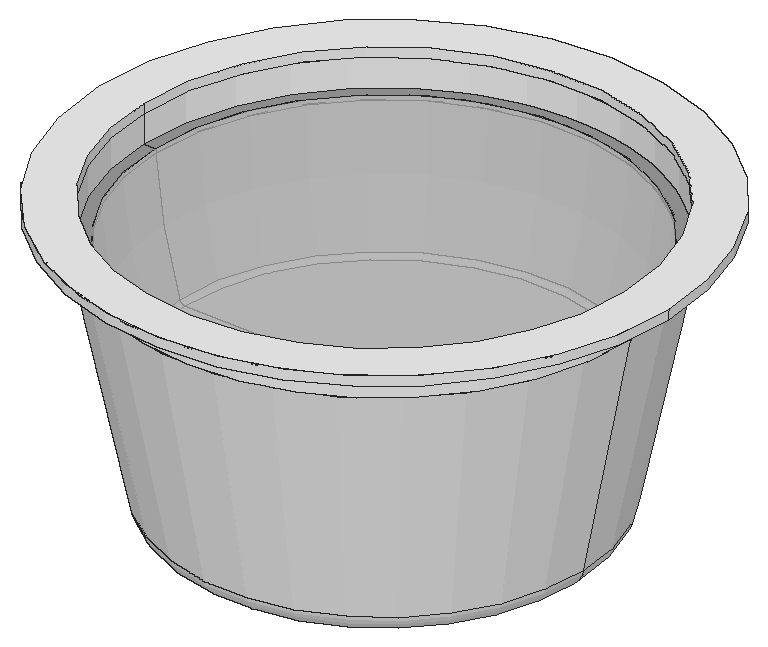
Revit family "2059211 Lighting Fixture_Sylvania_Ascent 100 Deco(160)-Very High Output_Ceiling Recessed", category Lighting Fixtures, host Face, Revit 2017
Family settings
  Host = Face
  Round Connector Dimension = Use Diameter
  Part Type = Normal
  OmniClass Number = 23.80.70.11.17
  OmniClass Title = Specialized Lighting by Location or Use
  Cut with Voids When Loaded = No
  Light Source = Yes
  Shared = No
  Room Calculation Point = No
Parameters (values of type "Asct100 Deco VHO 3K STD 160")
  Reflector Radius = Radius - 14.5 mm  # 80.0 mm
  Reflector Material = Aluminium_Sylvania_Ascent_Silver
  Radius = 94.5 mm
  Life = "50 000h"  # constant formula
  IP Rating = "IP44"  # constant formula
  IK Rating = "IK02"  # constant formula
  Height = 94.0 mm
  Wattage = 21.2622 W
  built-in parameter 1150110 = 1 (stored number, unit not read)
  Voltage Comments = "UNV (Universal Voltage; 220-240 Volt)"  # constant formula
  Voltage = 240 V  # constant formula
  URL = "https://www.sylvania-lighting.com/"
  built-in parameter 1114217 = 1 (stored number, unit not read)
  Tilt Angle = -90°
  built-in parameter 1150109 = 1 (stored number, unit not read)
  built-in parameter 1150134 = (empty or 0)
  built-in parameter 1150113 = 1 (stored number, unit not read)
  Product Page URL = "https://www.sylvania-lighting.com/product/en-int/products/2059211"
  Product Family = "Ascent 100 Deco (160) - Very High Output"  # constant formula
  Photometry Comments = ""
  Photometric Web File = "2059211_Asct100DecoVHO3KSTD160-190119.ies"
  Glow Wire Test = 850 °C
  Emit from Circle Diameter = 2 * Diffuser Radius  # 152.0 mm
  Emit Shape Visible in Rendering = no
  Drive Current = "1000mA"  # constant formula
  Diffuser Radius = Reflector Radius - 4.0 mm  # 76.0 mm
  Diffuser Material = Polycarbonate_Sylvania_Ascent_Clear
  Diameter = 2 * Radius  # 189.0 mm
  Cutout Diameter = Diameter - 11.0 mm  # 178.0 mm
  built-in parameter 1114216 [instance] = 1 (stored number, unit not read)
  Model = "Asct100 Deco VHO 3K STD 160"
  Manufacturer = "Feilo-Sylvania Group"
  built-in parameter 1150105 = 1076.3 (stored number, unit not read)
  Lumens = 2291 lm
  built-in parameter 1150115 = 1 (stored number, unit not read)
  built-in parameter 1150137 = (empty or 0)
  built-in parameter 1150139 = (empty or 0)
  built-in parameter 1150112 = 1 (stored number, unit not read)
  built-in parameter 1150114 = 1 (stored number, unit not read)
  Lamp = "Integrated LED"
  built-in parameter 1150132 = 2
  built-in parameter 1150102 = (empty or 0)
  built-in parameter 1150107 = 3000 (stored number, unit not read)
  built-in parameter 1150138 = (empty or 0)
  built-in parameter 1150106 = 10.763 (stored number, unit not read)
  Body Material = Aluminum_Sylvania_Ascent_White
  built-in parameter 1150104 = 10.01 (stored number, unit not read)
  Dimming Lamp Color Temperature Shift = <None>
  Description = "Direct LED retro fit for original LED 100 Deco (160) single CFL lamp offering Matching lumen levels and improved light distribution of original LED 100 CFL lamp equivalents Typically half the power consumption compared to CFL Up to 112lm/W 160mm aperture Decorative reflector accepts snap fit polycarbonate accessories from existing LED 100 Deco 160 offering New kometa accessory ring creates a diffused indirect halo of light onto the ceiling for decorative effect HE, HO and VHO versions equivalent of single 1 x 18W, 1 x 32W, 1 x 42W Additional VVHO versions which offer the performance circa 2 x 32W equivalent"  # constant formula
  Default Elevation = 0.0 mm
  Color Filter = 16777215
  Catalog Number = "2059211 Asct100 Deco VHO 3K STD 160"
  built-in parameter 1140040 [instance] = 1
  built-in parameter 1114218 = 1 (stored number, unit not read)
  built-in parameter 1150133 = 10 (stored number, unit not read)
  Assembly Code = "D5020200"
  Apparent Load Comments = ""
  Apparent Load = 25 VA
  Aperture = 2 * Reflector Radius  # 160.0 mm
Reference planes
  plane 1 "Center (Front/Back)": y = 0
  plane 2: z = 0
  plane 3 "Center (Left/Right)": x = 0
  plane 4 "Fixture Bottom": z = 3
  plane 5: z = -53.5
  plane 6 "Fixture Top": z = -91
  plane 7: z = -9
  plane 8: z = -10.5
Forms (mm)
  Extrusion 1, solid, material "Aluminum_Sylvania_Ascent_White" <- "Body Material", detail levels fine
    sketch origin (0, 0, 0) x (1, 0, 0) y (0, 1, 0)
      loop
        circle (0, 0) r 94.5
      loop
        circle (0, 0) r 80
    from 0 to 3
  Extrusion 2, void
    sketch origin (0, 0, 0) x (1, 0, 0) y (0, 1, 0)
      loop
        circle (0, 0) r 89
    from -91 to 3
  Revolve 3, solid, material "Aluminum_Sylvania_Ascent_White" <- "Body Material", detail levels fine
    sketch origin (0, 0, 0) x (1, 0, 0) y (0, 0, 1)
      loop
        line (0, -89) -> (-58.456, -89)
        arc (-58.456, -89) -> (-62.232, -87.663) -> (-64.324, -84.247) r 6
        line (-64.324, -84.247) -> (-80, -10.5) -> (-80, 0) -> (-82.009, 0) -> (-82.009, -10.5) -> (-66.245, -84.663)
        arc (-66.245, -84.663) -> (-63.454, -89.217) -> (-58.42, -91) r 8
        line (-58.42, -91) -> (0, -91) -> (0, -89)
      axis (0, 0) -> (0, -91)
    angle from 0 to 360
  Revolve 4, solid, material "Aluminium_Sylvania_Ascent_Silver" <- "Reflector Material", detail levels fine
    sketch origin (0, 0, 0) x (1, 0, 0) y (0, 0, 1)
      loop
        line (-80, -9) -> (-80, -10.5) -> (-77, -10.5)
        arc (-77, -10.5) -> (-74.319, -31.239) -> (-68.971, -51.454) r 160.868
        arc (-68.971, -51.454) -> (-67.878, -52.935) -> (-66.127, -53.5) r 3
        line (-66.127, -53.5) -> (-58, -53.5)
        arc (-58, -53.5) -> (-56.855, -62.037) -> (-53.5, -69.971) r 32.394
        line (-53.5, -69.971) -> (0, -69.971) -> (0, -52.5) -> (-66.127, -52.5)
        arc (-66.127, -52.5) -> (-67.294, -52.124) -> (-68.023, -51.136) r 2
        arc (-68.023, -51.136) -> (-73.335, -31.062) -> (-76, -10.468) r 159.868
        line (-76, -10.468) -> (-76, -9) -> (-80, -9)
      axis (0, -9) -> (0, -69.971)
    angle from 0 to 360
  Extrusion 5, solid, material "Polycarbonate_Sylvania_Ascent_Clear" <- "Diffuser Material", detail levels fine
    sketch origin (0, 0, 0) x (1, 0, 0) y (0, 1, 0)
      loop
        circle (0, 0) r 76
    from -10.5 to -9
  Revolve 6, solid, material "Aluminum_Sylvania_Ascent_White" <- "Body Material", detail levels coarse+medium
    sketch origin (0, 0, 0) x (1, 0, 0) y (0, 0, 1)
      loop
        line (0, 3) -> (-94.5, 3) -> (-94.5, 0) -> (-82.009, 0) -> (-82.009, -10.5) -> (-66.245, -84.663)
        arc (-66.245, -84.663) -> (-63.454, -89.217) -> (-58.42, -91) r 8
        line (-58.42, -91) -> (0, -91) -> (0, 3)
      axis (0, 3) -> (0, -91)
    angle from 0 to 360
Cuts and joins
  joined: Extrusion 1, Revolve 3
Dimensions and locks
  plane 4 "Fixture Bottom" to plane 2 to plane 7 to plane 8 to plane 5 = 3.0 mm locked, 9.0 mm locked, 1.5 mm locked, 43.0 mm locked
  "Height": plane 4 "Fixture Bottom" to plane 6 "Fixture Top"
  "Reflector Radius": plane 3 "Center (Left/Right)" to Revolve 4 sketch curve
  "Reflector Radius": plane 3 "Center (Left/Right)" to Revolve 3 sketch curve
  locked: Revolve 3 sketch curve to Revolve 3 sketch curve at 2.009
  Revolve 4 sketch curve to Revolve 4 sketch curve = 4.0 mm
  Revolve 4 sketch curve to Revolve 4 sketch curve = 1.0 mm
  Revolve 4 sketch curve to Revolve 4 sketch curve to Revolve 4 sketch curve to Revolve 4 sketch curve to Revolve 4 sketch curve = 11.029 mm locked, 2.844 mm locked, 8.127 mm locked, 4.5 mm locked
  Revolve 3 sketch curve to Revolve 3 sketch curve to Revolve 3 sketch curve = 13.755 mm locked, 7.825 mm locked
  "Radius": plane 3 "Center (Left/Right)" to Revolve 6 sketch curve
  Revolve 6 sketch curve to Revolve 6 sketch curve to Revolve 6 sketch curve = 7.825 mm locked, 28.255 mm locked
  "Cutout Diameter": diameter of Extrusion 2 sketch curve
  "Reflector Radius": radius of Extrusion 1 sketch curve
  "Diffuser Radius": radius of Extrusion 5 sketch curve
  "Radius": radius of Extrusion 1 sketch curve
  aligned and locked: host face to plane 2
  aligned and locked: host face to level
  aligned and locked: plane 1 "Center (Front/Back)" to imposter light
  aligned and locked: plane 3 "Center (Left/Right)" to imposter light
  aligned and locked: plane 4 "Fixture Bottom" to Extrusion 1
  aligned and locked: Extrusion 1 to plane 2
  aligned and locked: Revolve 3 sketch curve to plane 3 "Center (Left/Right)"  (x2)
  aligned and locked: Revolve 4 sketch curve to plane 3 "Center (Left/Right)"  (x2)
  aligned and locked: plane 2 to Revolve 3 sketch curve
  aligned and locked: plane 6 "Fixture Top" to Extrusion 2
  aligned and locked: Revolve 3 sketch curve to plane 2
  aligned and locked: plane 8 to Revolve 3 sketch curve  (x2)
  aligned and locked: plane 7 to Revolve 4 sketch curve
  aligned and locked: Revolve 4 sketch curve to plane 8
  aligned and locked: imposter light to Extrusion 2
  aligned and locked: plane 7 to Extrusion 5
  aligned and locked: Extrusion 5 to plane 8
  aligned and locked: imposter light to plane 4 "Fixture Bottom"
  aligned and locked: Revolve 3 sketch curve to plane 6 "Fixture Top"
  aligned and locked: Revolve 6 sketch curve to plane 4 "Fixture Bottom"
Automatic sketch dimensions
  plane 1 "Center (Front/Back)" to Extrusion 2 sketch curve = 0.0 mm
  Extrusion 2 sketch curve to plane 3 "Center (Left/Right)" = 0.0 mm
  Extrusion 1 sketch curve to Extrusion 1 sketch curve = 0.0 mm  (x2)
  plane 1 "Center (Front/Back)" to Extrusion 1 sketch curve = 0.0 mm
  Extrusion 1 sketch curve to plane 3 "Center (Left/Right)" = 0.0 mm
  plane 1 "Center (Front/Back)" to Extrusion 5 sketch curve = 0.0 mm
  Extrusion 5 sketch curve to plane 3 "Center (Left/Right)" = 0.0 mm
  host sketch curve to host sketch curve = 1368.192 mm
  host sketch curve to host sketch curve = 1600.367 mm
  Revolve 4 sketch curve to plane 5 = 0.0 mm
  Revolve 4 sketch curve to plane 5 = 16.471 mm
  plane 8 to Revolve 4 sketch curve = 0.032 mm
  Revolve 4 sketch curve to Revolve 4 sketch curve = 0.0 mm  (x5)
  Revolve 4 sketch curve to level = 0.289 mm
  Revolve 4 sketch curve to Revolve 4 sketch curve = 2.387 mm
  plane 4 "Fixture Bottom" to Revolve 4 sketch curve = 9.642 mm
  Revolve 4 sketch curve to Revolve 4 sketch curve = 0.948 mm
  Revolve 3 sketch curve to plane 6 "Fixture Top" = 6.753 mm
  Revolve 3 sketch curve to plane 6 "Fixture Top" = 2.0 mm
  Revolve 3 sketch curve to plane 6 "Fixture Top" = 6.337 mm
  Revolve 3 sketch curve to Revolve 3 sketch curve = 1.921 mm
  Revolve 3 sketch curve to Revolve 3 sketch curve = 0.036 mm
  plane 6 "Fixture Top" to Revolve 3 sketch curve = 33.569 mm
  plane 4 "Fixture Bottom" to Revolve 3 sketch curve = 82.431 mm
  Revolve 6 sketch curve to plane 8 = 0.0 mm
  Revolve 6 sketch curve to plane 6 "Fixture Top" = 0.0 mm
  Revolve 6 sketch curve to plane 6 "Fixture Top" = 6.337 mm
  Revolve 6 sketch curve to plane 3 "Center (Left/Right)" = 0.0 mm
  Revolve 6 sketch curve to Revolve 6 sketch curve = 12.491 mm
  plane 6 "Fixture Top" to Revolve 6 sketch curve = 33.569 mm
  plane 4 "Fixture Bottom" to Revolve 6 sketch curve = 82.431 mm
  plane 3 "Center (Left/Right)" to Revolve 6 sketch curve = 0.0 mm
  Revolve 6 sketch curve to level = 0.0 mm
Connectors
  electrical at (0, 0, -91), driven by "Voltage", driven by "Apparent Load"
    settings: index 1, voltage 240 V, apparent load 0 VA, apparent load phase1 25 VA, apparent load phase2 0 VA, apparent load phase3 0 VA, power factor 1, load classification "Lighting", number of poles 1, system type 31, power factor state 1, is connector primary yes, connector utility no, sub classification motor no, connector description ""
